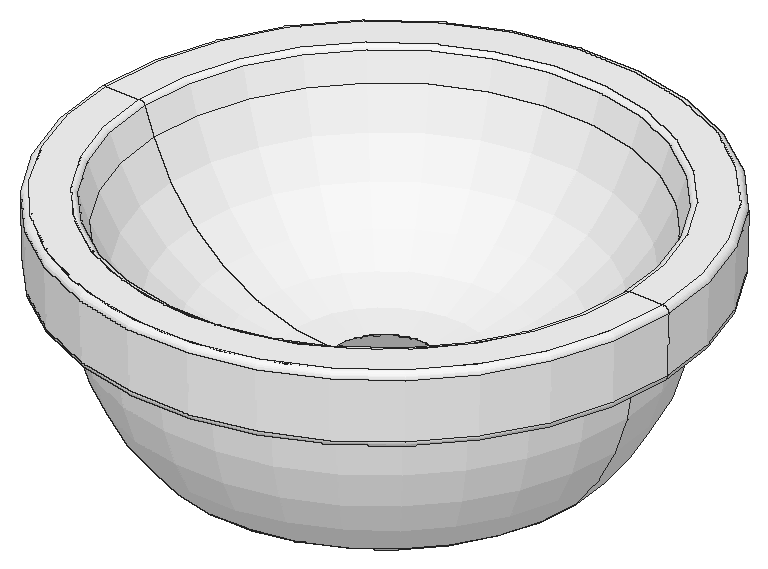
Revit family "NLRS_74_PF_UN_wastafel_S8W02900000_SPHINX_BCB", category Plumbing Fixtures, Revit 2016
Family settings
  Part Type = Normal
  Round Connector Dimension = Use Radius
  OmniClass Number = 23.45.00.00
  OmniClass Title = Sanitary, Laundry, and Cleaning Equipment
  Work Plane-Based = No
  Always vertical = Yes
  Cut with Voids When Loaded = No
  Shared = No
  Room Calculation Point = No
Parameters (values of type "opbouwwastafel 46cm")
  NLRS_C_type = "Wastafel zonder kraangat en overloop"
  NLRS_C_serie = "300 Basic"
  NLRS_C_revit_versie = "2016"
  NLRS_C_content_versie = "2.0"
  NLRS_C_content_provider = "BouwConnect"
  NLRS_C_content_datum_uitgifte = "APR-2018"
  NLRS_C_content_datum_gewijzigd = "APR-2018"
  NLRS_C_content_creator = "BouwConnect"
  NLRS_C_URL_product_data = "http://www.sphinx.nl/producten/wastafels-%7C-fonteinen/inbouwwastafels/sphinx-300-basic-%7C-opbouwwastafel-46-cm/27653/"
  Waste Connection = yes
  WFU = 0
  URL = "http://www.sphinx.nl/"
  Type Comments = ""
  NLRS_S_gewicht = 10.00 kg
  NLRS_C_materiaal = none
  NLRS_C_lengte = 460 mm
  NLRS_C_hoogte = 125 mm
  NLRS_C_diameter_uit = 45 mm
  NLRS_C_diameter_in = 35 mm
  NLRS_C_breedte = 460 mm
  Model = "300 opbouwwastafel 46cm"  # constant formula
  Manufacturer = "Sphinx"  # constant formula
  Keynote = ""
  IfcTypeProduct = "IfcSanitaryTerminalType"
  IfcExportType = "SINK"
  IfcExportAs = "IfcSanitaryTerminalTypeEnum"
  IfcElement = "IfcFlowTerminal"
  NLRS_C_code_EAN = "8711754390485"
  Description = "wastafel"
  CWFU = 0
  NLRS_C_URL_BCB = "http://bcb-online.nl/?zoekterm=Sphinx+++%5bGeberit+B.V.%5d"
  Assembly Code = "47.11"
Reference planes
  plane 1 "Center (Front/Back)": y = 0
  plane 2: z = 0
  plane 3 "Center (Left/Right)": x = 0
Forms (mm)
  Revolve 1, solid, material "74_porcelein_wit", detail levels medium+fine
    sketch origin (0, 0, 55) x (1, 0, 0) y (0, 0, 1)
      loop
        arc (-228.819, -50.133) -> (-227.309, -53.582) -> (-223.82, -55) r 5
        line (-223.82, -55) -> (-207.137, -55)
        arc (-207.137, -55) -> (-204.011, -56.097) -> (-202.258, -58.908) r 5
        arc (-202.258, -58.908) -> (-201.802, -61.353) -> (-201.523, -63.825) r 34.603
        arc (-201.523, -63.825) -> (-187.45, -120.181) -> (-155.552, -168.725) r 173.365
        arc (-155.552, -168.725) -> (-154.221, -169.667) -> (-152.624, -169.999) r 4
        line (-152.624, -169.999) -> (-34.8, -169.999) -> (-36.6, -124.999) -> (-40.768, -124.999)
        arc (-40.768, -124.999) -> (-129.672, -96.968) -> (-186.42, -23.012) r 155
        line (-186.42, -23.012) -> (-193.686, -3.049)
        arc (-193.686, -3.049) -> (-195.529, -0.831) -> (-198.29, 0) r 5
        line (-198.29, 0) -> (-225.016, 0)
        arc (-225.016, 0) -> (-228.598, -1.512) -> (-230.014, -5.133) r 5
        line (-230.014, -5.133) -> (-228.819, -50.133)
      axis (0, 0) -> (0, -169.999)
    angle from 0 to 360
  Revolve 2, solid, material "74_metaal_generiek", detail levels medium+fine
    sketch origin (-678.974, -0.253, -14.291) x (1, 0, 0) y (0, 0, 1)
      loop
        line (678.796, -55) -> (678.796, -50.513)
        arc (678.796, -50.513) -> (660.582, -50.521) -> (642.418, -51.856) r 250
        arc (642.418, -51.856) -> (641.771, -52.188) -> (641.511, -52.868) r 1.018
        line (641.511, -52.868) -> (641.511, -54)
        arc (641.511, -54) -> (641.804, -54.707) -> (642.511, -55) r 1
        line (642.511, -55) -> (678.796, -55)
      axis (678.796, -55) -> (678.796, -50.513)
    angle from 0 to 360
  Extrusion 3, solid, material "74_porcelein_wit", detail levels coarse
    sketch origin (0, 0, 0) x (1, 0, 0) y (0, 1, 0)
      loop
        circle (0, 0) r 230
    from -115 to 55
  Extrusion 4, void, detail levels coarse
    sketch origin (-500, 0, 0) x (1, 0, 0) y (0, 1, 0)
      loop
        circle (500, 0) r 195
    from -94.18 to 132.762
  Extrusion 5, solid, not visible
    sketch origin (0, 0, -114.999) x (1, 0, 0) y (0, 1, 0)
      loop
        circle (0, 0) r 22.5
    from 0 to 5
Cuts and joins
  Extrusion 4 cuts Extrusion 3
Dimensions and locks
  aligned and locked: level to plane 2
Connectors
  piping at (0, 0, -114.999), diameter 50, driven by "WFU"
    settings: on Extrusion 5, index 1, connector inside diameter 50 mm, connector length 0 mm, flow factor 0, pipe flow 0.0 L/s, pressure drop 0.0 Pa, fitting loss kfactor 0, connector angle 0.00°, fixture units 0, engagement length 0 mm, angle of deflection 0.00°, flow configuration 3, flow direction 2, fitting loss method 0, system type 16, joint type 0, gender type 0, connector reference index -1, connector utility 0, adjustable connector no, is connector primary yes, connector description "out"
